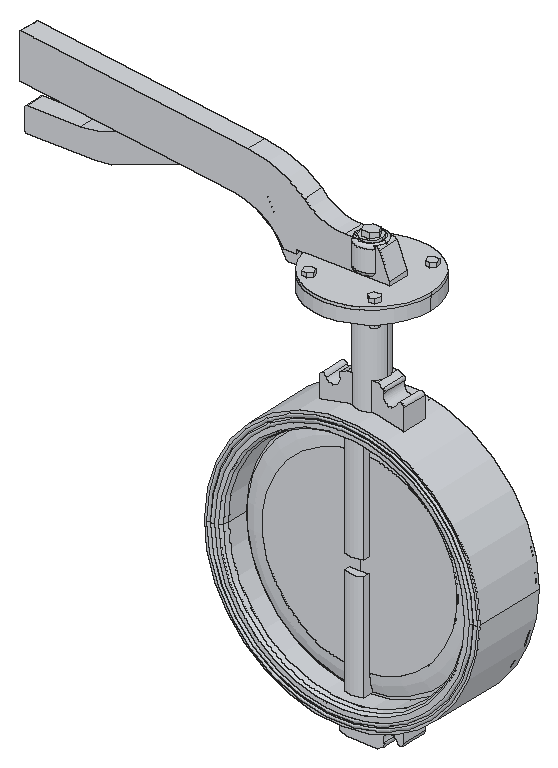
Revit family "R59WX012", category Plumbing Fixtures, Revit 2015
Reference planes
  plane 1 "Center (Front/Back)": y = 0
  plane 2: z = 0
  plane 3 "Center (Left/Right)": x = 0
  plane 4: z = 191
  plane 5: x = -260
  plane 6: z = 268
  plane 7: z = -120
  plane 8: z = -30
  plane 9: z = 221
  plane 10: y = -27.988
  plane 11: y = 28.012
Forms (mm)
  Extrusion 1, solid
    sketch origin (0, 0, 181) x (1, 0, 0) y (0, 1, 0)
      loop
        circle (0, 0) r 45
    from 0 to 10
  Extrusion 2, solid
    sketch origin (0, 0, -76.95) x (1, 0, 0) y (0, 1, 0)
      loop
        circle (0, 0) r 12
    from 173.526 to 257.95
  Revolve 3, solid
    sketch origin (0, 0, 0) x (0, 1, 0) y (0, 0, 1)
      loop
        line (11.11, 0) -> (-11.11, 0) -> (-11.11, -73.825)
        arc (-11.11, -73.825) -> (-10.271, -80.984) -> (-8, -87.825) r 35.428
        line (-8, -87.825) -> (-6, -87.825) -> (-6, -90.825) -> (6, -90.825) -> (6, -87.825) -> (8, -87.825)
        arc (8, -87.825) -> (10.271, -80.984) -> (11.11, -73.825) r 35.428
        line (11.11, -73.825) -> (11.11, 0)
      axis (11.11, 0) -> (-11.11, 0)
    angle from 0 to 360
  Blend 4, solid
    base sketch origin (0, 0, -4.163) x (1, 0, 0) y (0, 1, 0)
      loop
        line (-6.883, 16.4) -> (-6.883, -16.4)
        arc (-6.883, -16.4) -> (0, -18.078) -> (6.883, -16.4) r 14.953
        line (6.883, -16.4) -> (6.883, 16.4)
        arc (6.883, 16.4) -> (0, 18.078) -> (-6.883, 16.4) r 14.953
    top sketch origin (0, 0, 0) x (1, 0, 0) y (0, 1, 0)
      loop
        line (-6.883, 16.4) -> (-6.883, -16.4)
        arc (-6.883, -16.4) -> (0, -18.078) -> (6.883, -16.4) r 14.953
        line (6.883, -16.4) -> (6.883, 16.4)
        arc (6.883, 16.4) -> (0, 18.078) -> (-6.883, 16.4) r 14.953
    from 10.163 to 87.771
  Blend 5, solid
    base sketch origin (0, 0, -38.601) x (0, -1, 0) y (1, 0, 0)
      loop
        line (-16.4, -6.883) -> (16.4, -6.883)
        arc (16.4, -6.883) -> (18.078, 0) -> (16.4, 6.883) r 14.953
        line (16.4, 6.883) -> (-16.4, 6.883)
        arc (-16.4, 6.883) -> (-18.078, 0) -> (-16.4, -6.883) r 14.953
    top sketch origin (0, 0, -35.117) x (0, -1, 0) y (1, 0, 0)
      loop
        line (-16.4, -6.883) -> (16.4, -6.883)
        arc (16.4, -6.883) -> (18.078, 0) -> (16.4, 6.883) r 14.953
        line (16.4, 6.883) -> (-16.4, 6.883)
        arc (-16.4, 6.883) -> (-18.078, 0) -> (-16.4, -6.883) r 14.953
    from -49.201 to 29.117
  Extrusion 6, solid
    sketch origin (99.126, -27.447, 193) x (0, -1, 0) y (1, 0, 0)
      loop
        line (3.99, -123.113) -> (0.805, -120.344) -> (-3.184, -121.718) -> (-3.99, -125.86) -> (-0.805, -128.628) -> (3.184, -127.254) -> (3.99, -123.113)
    from 0 to 3
  Extrusion 7, solid
    sketch origin (99.126, -27.447, 173) x (0, -1, 0) y (1, 0, 0)
      loop
        circle (0, -124.486) r 3
    from 2.505 to 20
  Extrusion 8, solid
    sketch origin (99.126, -27.447, 180) x (0, -1, 0) y (1, 0, 0)
      loop
        line (3.99, -123.113) -> (0.805, -120.344) -> (-3.184, -121.718) -> (-3.99, -125.86) -> (-0.805, -128.628) -> (3.184, -127.254) -> (3.99, -123.113)
      loop
        line (-3.444, -125.672) -> (-0.695, -128.061) -> (2.749, -126.876) -> (3.444, -123.301) -> (0.695, -120.911) -> (-2.749, -122.097) -> (-3.444, -125.672)
    from -1.968 to 1
  Extrusion 9, solid, not visible
    sketch origin (26.117, -96.518, 104.233) x (0, -1, 0) y (1, 0, 0)
      loop
        line (3.99, -123.113) -> (0.805, -120.344) -> (-3.184, -121.718) -> (-3.99, -125.86) -> (-0.805, -128.628) -> (3.184, -127.254) -> (3.99, -123.113)
    from 0 to 3
  Extrusion 10, solid, not visible
    sketch origin (26.117, -96.518, 84.233) x (0, -1, 0) y (1, 0, 0)
      loop
        circle (0, -124.486) r 3
    from 2.505 to 20
  Extrusion 11, solid, not visible
    sketch origin (26.117, -96.518, 91.233) x (0, -1, 0) y (1, 0, 0)
      loop
        line (3.99, -123.113) -> (0.805, -120.344) -> (-3.184, -121.718) -> (-3.99, -125.86) -> (-0.805, -128.628) -> (3.184, -127.254) -> (3.99, -123.113)
      loop
        line (-3.444, -125.672) -> (-0.695, -128.061) -> (2.749, -126.876) -> (3.444, -123.301) -> (0.695, -120.911) -> (-2.749, -122.097) -> (-3.444, -125.672)
    from -1.968 to 1
  Extrusion 12, solid
    sketch origin (0, 0, 191) x (1, 0, 0) y (0, 1, 0)
      loop
        circle (0, 0) r 45
    from 0 to 2
  Extrusion 13, solid
    sketch origin (99.126, -27.447, 193) x (0, -1, 0) y (1, 0, 0)
      loop
        line (-58.884, -123.113) -> (-58.079, -127.254) -> (-54.09, -128.628) -> (-50.905, -125.86) -> (-51.71, -121.718) -> (-55.7, -120.344) -> (-58.884, -123.113)
    from 0 to 3
  Extrusion 14, solid
    sketch origin (99.126, -27.447, 173) x (0, -1, 0) y (1, 0, 0)
      loop
        circle (-54.895, -124.486) r 3
    from 2.505 to 20
  Extrusion 15, solid
    sketch origin (99.126, -27.447, 180) x (0, -1, 0) y (1, 0, 0)
      loop
        line (-58.884, -123.113) -> (-58.079, -127.254) -> (-54.09, -128.628) -> (-50.905, -125.86) -> (-51.71, -121.718) -> (-55.7, -120.344) -> (-58.884, -123.113)
      loop
        line (-51.451, -125.672) -> (-52.146, -122.097) -> (-55.59, -120.911) -> (-58.339, -123.301) -> (-57.644, -126.876) -> (-54.2, -128.061) -> (-51.451, -125.672)
    from -1.968 to 1
  Extrusion 16, solid
    sketch origin (-100.376, 27.447, 193) x (0, 1, 0) y (-1, 0, 0)
      loop
        line (-58.884, -123.113) -> (-58.079, -127.254) -> (-54.09, -128.628) -> (-50.905, -125.86) -> (-51.71, -121.718) -> (-55.7, -120.344) -> (-58.884, -123.113)
    from 0 to 3
  Extrusion 17, solid
    sketch origin (-100.376, 27.447, 173) x (0, 1, 0) y (-1, 0, 0)
      loop
        circle (-54.895, -124.486) r 3
    from 2.505 to 20
  Extrusion 18, solid
    sketch origin (-100.376, 27.447, 180) x (0, 1, 0) y (-1, 0, 0)
      loop
        line (-58.884, -123.113) -> (-58.079, -127.254) -> (-54.09, -128.628) -> (-50.905, -125.86) -> (-51.71, -121.718) -> (-55.7, -120.344) -> (-58.884, -123.113)
      loop
        line (-51.451, -125.672) -> (-52.146, -122.097) -> (-55.59, -120.911) -> (-58.339, -123.301) -> (-57.644, -126.876) -> (-54.2, -128.061) -> (-51.451, -125.672)
    from -1.968 to 1
  Extrusion 19, solid
    sketch origin (-100.376, 27.447, 193) x (0, 1, 0) y (-1, 0, 0)
      loop
        line (3.99, -123.113) -> (0.805, -120.344) -> (-3.184, -121.718) -> (-3.99, -125.86) -> (-0.805, -128.628) -> (3.184, -127.254) -> (3.99, -123.113)
    from 0 to 3
  Extrusion 20, solid
    sketch origin (-100.376, 27.447, 173) x (0, 1, 0) y (-1, 0, 0)
      loop
        circle (0, -124.486) r 3
    from 2.505 to 20
  Extrusion 21, solid
    sketch origin (-100.376, 27.447, 180) x (0, 1, 0) y (-1, 0, 0)
      loop
        line (3.99, -123.113) -> (0.805, -120.344) -> (-3.184, -121.718) -> (-3.99, -125.86) -> (-0.805, -128.628) -> (3.184, -127.254) -> (3.99, -123.113)
      loop
        line (-3.444, -125.672) -> (-0.695, -128.061) -> (2.749, -126.876) -> (3.444, -123.301) -> (0.695, -120.911) -> (-2.749, -122.097) -> (-3.444, -125.672)
    from -1.968 to 1
  Extrusion 22, solid
    sketch origin (125.063, -27.447, 218.144) x (0, -1, 0) y (1, 0, 0)
      loop
        line (-32.638, -122.069) -> (-32.638, -128.062) -> (-27.447, -131.059) -> (-22.257, -128.062) -> (-22.257, -122.069) -> (-27.447, -119.072) -> (-32.638, -122.069)
    from -1.014 to 2.856
  Extrusion 23, solid
    sketch origin (124.477, -54.895, 213.2) x (0, -1, 0) y (1, 0, 0)
      loop
        circle (-54.895, -124.486) r 8
    from -22.2 to 3.931
  Sweep 24, solid
    path origin (0, 0, 0) x (1, 0, 0) y (0, 0, 1)
      loop
        circle (0, 0) r 104
    profile origin (0, 0, -104) x (0, 0, 1) y (0, -1, 0)
      loop
        line (13.454, -22.173) -> (13.454, 22.173) -> (12.517, 25.67) -> (10.888, 28.012) -> (7.249, 28.012)
        arc (7.249, 28.012) -> (6.235, 29.026) -> (5.222, 28.012) r 1.014
        line (5.222, 28.012) -> (3.949, 28.012)
        arc (3.949, 28.012) -> (2.935, 29.026) -> (1.921, 28.012) r 1.014
        line (1.921, 28.012) -> (0, 28.012) -> (0, -28.012) -> (1.921, -28.012)
        arc (1.921, -28.012) -> (2.935, -29.026) -> (3.949, -28.012) r 1.014
        line (3.949, -28.012) -> (5.222, -28.012)
        arc (5.222, -28.012) -> (6.235, -29.026) -> (7.249, -28.012) r 1.014
        line (7.249, -28.012) -> (10.888, -28.012) -> (12.517, -25.67) -> (13.454, -22.173)
  Revolve 25, solid
    sketch origin (0, 0, 51) x (1, 0, 0) y (0, 0, 1)
      loop
        line (-9.486, 143.746) -> (0, 143.746) -> (0, 165) -> (-9.486, 165)
        arc (-9.486, 165) -> (-11.259, 164.265) -> (-11.994, 162.492) r 2.508
        line (-11.994, 162.492) -> (-11.994, 146.254)
        arc (-11.994, 146.254) -> (-11.259, 144.481) -> (-9.486, 143.746) r 2.508
      axis (0, 143.746) -> (0, 165)
    angle from 0 to 360
  Extrusion 26, solid
    sketch origin (0.447, 45.948, -89.918) x (1, 0, 0) y (0, 0, 1)
      loop
        arc (-14.408, 305.574) -> (-31.009, 309.172) -> (-44.632, 319.319) r 40.102
        arc (-44.632, 319.319) -> (-64.682, 331.561) -> (-87.387, 337.59) r 81.686
        line (-87.387, 337.59) -> (-259.322, 357.495)
        arc (-259.322, 357.495) -> (-259.796, 357.345) -> (-260, 356.891) r 0.608
        line (-260, 356.891) -> (-260, 323.702) -> (-98.154, 304.965)
        arc (-98.154, 304.965) -> (-76.145, 296.857) -> (-60.289, 279.573) r 49.8
        line (-60.289, 279.573) -> (-50.289, 279.573) -> (-50.289, 282.573) -> (19.968, 282.573) -> (19.968, 285.573) -> (12.027, 303.82)
        arc (12.027, 303.82) -> (10.952, 305.097) -> (9.353, 305.574) r 2.915
        line (9.353, 305.574) -> (-14.408, 305.574)
    from 37.966 to 54.11
  Extrusion 27, solid
    sketch origin (-37.336, 45.948, -164.431) x (1, 0, 0) y (0, 0, 1)
      loop
        arc (-22.093, 349.062) -> (-20.549, 347.09) -> (-18.159, 346.344) r 4.207
        line (-18.159, 346.344) -> (-9.636, 346.344) -> (-9.636, 357.087) -> (-17.519, 357.087)
        arc (-17.519, 357.087) -> (-19.393, 357.527) -> (-20.874, 358.756) r 4.207
        line (-20.874, 358.756) -> (-36.673, 388.468)
        arc (-36.673, 388.468) -> (-42.926, 395.877) -> (-51.675, 400.052) r 23.006
        line (-51.675, 400.052) -> (-121.464, 408.132)
        arc (-121.464, 408.132) -> (-146.554, 389.335) -> (-177.106, 382.301) r 75.785
        line (-177.106, 382.301) -> (-217.214, 382.301)
        arc (-217.214, 382.301) -> (-218.486, 381.806) -> (-219.141, 380.609) r 1.995
        line (-219.141, 380.609) -> (-219.141, 365.458)
        arc (-219.141, 365.458) -> (-218.486, 364.261) -> (-217.214, 363.766) r 1.995
        line (-217.214, 363.766) -> (-165.969, 363.766)
        arc (-165.969, 363.766) -> (-159.476, 364.161) -> (-153.041, 365.112) r 75.785
        line (-153.041, 365.112) -> (-102.034, 383.677) -> (-60.442, 378.862)
        arc (-60.442, 378.862) -> (-37.124, 369.314) -> (-22.17, 349.033) r 46.662
    from 38.356 to 53.486
  Extrusion 28, solid
    sketch origin (-2.351, 0.293, -48.83) x (1, 0, 0) y (0, 0, 1)
      loop
        arc (18.871, -71.788) -> (19.767, -70.506) -> (19.652, -68.955) r 2.274
        arc (19.652, -68.955) -> (22.463, -61.587) -> (29.701, -64.717) r 5.458
        arc (29.701, -64.717) -> (32.458, -66.474) -> (34.596, -64.001) r 2.5
        line (34.596, -64.001) -> (34.596, -47.891)
        arc (34.596, -47.891) -> (2.811, -54.686) -> (-28.974, -47.891) r 77.732
        line (-28.974, -47.891) -> (-28.974, -64.001)
        arc (-28.974, -64.001) -> (-26.836, -66.474) -> (-24.079, -64.717) r 2.5
        arc (-24.079, -64.717) -> (-16.841, -61.587) -> (-14.03, -68.955) r 5.458
        arc (-14.03, -68.955) -> (-14.145, -70.506) -> (-13.249, -71.787) r 2.274
        arc (-13.249, -71.787) -> (-11.147, -73.088) -> (-8.94, -74.203) r 28.535
        line (-8.94, -74.203) -> (14.565, -74.203)
        arc (14.565, -74.203) -> (16.77, -73.089) -> (18.871, -71.788) r 28.535
    from -9.388 to 9.974
  Extrusion 29, solid
    sketch origin (-4.523, 0.293, 50.722) x (1, 0, 0) y (0, 0, 1)
      loop
        arc (21.043, 71.788) -> (18.942, 73.089) -> (16.737, 74.203) r 28.535
        line (16.737, 74.203) -> (-6.768, 74.203)
        arc (-6.768, 74.203) -> (-8.975, 73.088) -> (-11.077, 71.787) r 28.535
        arc (-11.077, 71.787) -> (-11.973, 70.506) -> (-11.858, 68.955) r 2.274
        arc (-11.858, 68.955) -> (-14.669, 61.587) -> (-21.907, 64.717) r 5.458
        arc (-21.907, 64.717) -> (-24.664, 66.474) -> (-26.802, 64.001) r 2.5
        line (-26.802, 64.001) -> (-26.802, 47.891)
        arc (-26.802, 47.891) -> (4.983, 52.785) -> (36.768, 47.891) r 105.651
        line (36.768, 47.891) -> (36.768, 64.001)
        arc (36.768, 64.001) -> (34.63, 66.474) -> (31.873, 64.717) r 2.5
        arc (31.873, 64.717) -> (24.635, 61.587) -> (21.824, 68.955) r 5.458
        arc (21.824, 68.955) -> (21.939, 70.506) -> (21.043, 71.788) r 2.274
    from -9.388 to 9.974
Dimensions and locks
  plane 2 to plane 4 = 191 mm
  plane 3 "Center (Left/Right)" to plane 5 = 260 mm
  level to plane 6 = 268 mm
  plane 7 to level = 120 mm
  locked: plane 4 to plane 9 at 30
  plane 11 to plane 10 = 56 mm
  aligned and locked: level to plane 2
